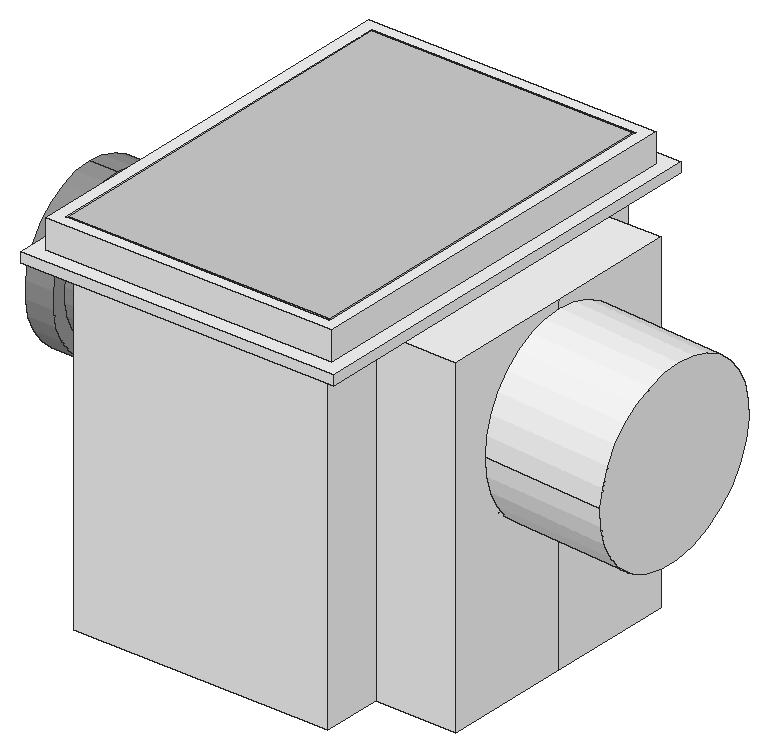
Revit family "HL_RU_Basement drain_HL71.1_7-A-171212", category Instalační zařizovací předměty, Revit 2021
Family settings
  Kóta kulaté spojky = Použít průměr
  Typ dílu = Normální
  Číslo OmniClass = 23.70.50.21.24.14
  Nadpis OmniClass = Deck Waste Water Drains
  Založené na pracovní rovině = Ne
  Vždy vertikální = Ano
  Ořezat dutým tvarem při načtení = Ne
  Sdílené = Ano
  Bod výpočtu místnosti = Ano
Parameters (values of type "HL_Трап для подвалов_HL71.1_7")
  РЕШЁТКА = "155x225 mm/ ABS"
  РАЗМЕР = "DN110"
  ПРОПУСКНАЯ СПОСОБНОСТЬ [instance] = 0.0 L/s
  ПРОИЗВОДИТЕЛЬНОСТЬ = "2,3 l/s"
  ПРИЁМНОЕ ОТВЕРСТИЕ = "DN75"
  ПРАВОВАЯ ИНФОРМАЦИЯ = "\"Авторские права(©), права на дизайн или какие либо другие права интелектуальной собственности являются исключительной собственностью компании HL Hutterer & Lechner. Изменению не подлежит. Файл семейства с данными о прозводителе изделия защищен паролем с водяным знаком.\""
  ПАДЕНИЕ ДАВЛЕНИЯ [instance] = 0.0 Pa
  НОМИНАЛЬНЫЙ ДИАМЕТР 2 [instance] = 75 mm
  НОМИНАЛЬНЫЙ ДИАМЕТР = 110 mm
  НАСАДКА = "170x240 mm"
  МАТЕРИАЛ = "ABS"
  МАКСИМАЛЬНАЯ НАГРУЗКА КЛАССА = "K3 - 300 kg"
  ВЫСОТА МОНТАЖА = "220 mm"
  ВЕС = "1,66 kg"
  Výchozí výška = 0 mm
  Přípoj ventilace = no
  Výrobce = "HL Hutterer & Lechner GmbH"
  URL = "http://www.hutterer-lechner.com/ru/products/catalog/roof-drains/HL71.1/7.aspx"
  Přípoj odpadních dílů = yes
  Přípoj HW = no
  Popis = "Трап для подвалов"
  Model = "HL71.1_7"
  Komentáře k typům = "Трап для подвалов DN110 горизонтальный с входным отверстием DN75, 170х240мм/155х225мм синтетический материал"
  Keynote = "HL71.1_7"
  Высота монтажа [instance] = 0 mm
  Přípoj CW = no
  FO [instance] = FI1 + ПРОПУСКНАЯ СПОСОБНОСТЬ  # 0.0 L/s
  FI1 [instance] = 0.0 L/s
  EAN = "9003076711703"
  D2 [instance] = 155 mm
  D1 [instance] = 192.3 mm
  D [instance] = Высота монтажа + 56.6 mm  # 56.6 mm
  C [instance] = Высота монтажа + 95 mm  # 95 mm
  B [instance] = Высота монтажа + 86.1 mm  # 86.1 mm
  A [instance] = if(B - 100 mm > 15 mm, B - 100 mm, 15 mm)  # 15 mm
Reference planes
  plane 1 "Center (Front/Back)": y = 0
  plane 2: z = 0
  plane 3 "Center (Left/Right)": x = 0
  plane 4 "Ball Joint Vertical": x = 25.45
  plane 5: z = 0
  plane 6: z = -86.1
Lines and regions (mm)
  model lines, style "InvisibleLines"
    curve 1: line (0, 0, 0) -> (0, 0, 560)
  reference lines
    curve 2: line (162.3, 0, -86.1) -> (192.3, 0, -86.1)
    curve 6: line (-39, 0, -95) -> (-155, 0, -95)
  model lines, detail levels coarse+medium
    curve 3: line (0, 0, -86.1) -> (0, 0, -71.1)
    curve 4: line (0, 0, -71.1) -> (71.1, 0, 0)
    curve 5: line (0, 0, -71.1) -> (-71.1, 0, 0)
    curve 7: line (0, 0, -86.1) -> (192.3, 0, -86.1)
  symbolic lines, style "PlumbingFixtures", detail levels coarse+medium
    curve 8: line (-75, 75, 0) -> (75, 75, 0)
    curve 9: line (-75, -75, 0) -> (-75, 75, 0)
    curve 10: line (75, -75, 0) -> (-75, -75, 0)
    curve 11: line (75, 75, 0) -> (75, -75, 0)
    curve 12: line (-75, 75, 0) -> (-145.711, 145.711, 0)
    curve 13: line (75, 75, 0) -> (145.711, 145.711, 0)
    curve 14: line (-75, -75, 0) -> (-145.711, -145.711, 0)
    curve 15: line (75, -75, 0) -> (145.711, -145.711, 0)
  symbolic lines, style "PlumbingFixtures", not visible, detail levels coarse+medium
    curve 16: line (-75, 75, 0) -> (75, 75, 0)
    curve 17: line (-75, -75, 0) -> (-75, 75, 0)
    curve 18: line (75, -75, 0) -> (-75, -75, 0)
    curve 19: line (75, 75, 0) -> (75, -75, 0)
    curve 20: line (-75, 75, 0) -> (-145.711, 145.711, 0)
    curve 21: line (75, 75, 0) -> (145.711, 145.711, 0)
    curve 22: line (-75, -75, 0) -> (-145.711, -145.711, 0)
    curve 23: line (75, -75, 0) -> (145.711, -145.711, 0)
Text (mm)
  text "FLOOR" at (-198.233, 0, -26.556), in view "вид строительства"
Dimensions and locks
  locked: plane 4 "Ball Joint Vertical" to plane 3 "Center (Left/Right)" at 25.45
  "Высота монтажа": plane 2 to plane 5
  "A": curve 5 to plane 6
  "B": curve 5 to plane 6
  "B": curve 4 to plane 6
  "B": plane 2 to plane 6
  "C": plane 2 to curve 6
  "B": plane 2 to curve 7
  "D2": plane 3 "Center (Left/Right)" to curve 6
  "D1": curve 2 to plane 3 "Center (Left/Right)"
  "D1": curve 7 to plane 3 "Center (Left/Right)"
  locked: curve 4 to plane 3 "Center (Left/Right)" (angle 45.00°)
  locked: plane 3 "Center (Left/Right)" to curve 5 (angle 45.00°)
  aligned and locked: level to plane 2
  aligned and locked: plane 2 to curve 1
  aligned and locked: plane 3 "Center (Left/Right)" to curve 1
  aligned and locked: plane 3 "Center (Left/Right)" to curve 5
  aligned and locked: curve 2 to plane 6
  aligned and locked: plane 3 "Center (Left/Right)" to nested 1
  aligned and locked: plane 5 to nested 1
  aligned and locked: plane 3 "Center (Left/Right)" to nested 2
Automatic sketch dimensions
  level to curve 1 = 560 mm
  curve 6 to plane 3 "Center (Left/Right)" = 39 mm
  curve 2 to curve 2 = 30 mm
Nested families
  nested 1: "HL-Трап для подвалов-HL71.1-7" at (0, 0, 0), type "HL-Трап для подвалов-HL71.1-7"
  nested 2: "HL-Решетка для сливного отверстия из пластмассы-HL071.1E" at (0, 0, 0), type "HL-Решетка для сливного отверстия из пластмассы-HL071.1E"
Connectors
  piping at (192.3, 0, -86.1), diameter 110, driven by "НОМИНАЛЬНЫЙ ДИАМЕТР", driven by "FO"
    settings: on curve 2, index 1, connector inside diameter 609.6 mm, connector length 0 mm, flow factor 0, pipe flow 0.0 L/s, pressure drop 0.0 Pa, fitting loss kfactor 0, connector angle 0.00°, fixture units 0, engagement length 0 mm, angle of deflection 0.00°, flow configuration 1, flow direction 2, fitting loss method 0, system type 16, joint type 0, gender type 0, connector reference index 2, connector utility 0, adjustable connector yes, is connector primary no, connector description ""
  piping at (-155, 0, -95), diameter 75, driven by "НОМИНАЛЬНЫЙ ДИАМЕТР 2", driven by "ПАДЕНИЕ ДАВЛЕНИЯ", driven by "FI1"
    settings: on curve 6, index 2, connector inside diameter 609.6 mm, connector length 0 mm, flow factor 1, pipe flow 0.0 L/s, pressure drop 0.0 Pa, fitting loss kfactor 0, connector angle 0.00°, fixture units 0, engagement length 0 mm, angle of deflection 0.00°, flow configuration 2, flow direction 1, fitting loss method 0, system type 16, joint type 0, gender type 0, connector reference index 1, connector utility 0, adjustable connector yes, is connector primary yes, connector description ""
Definition of nested family "HL-Трап для подвалов-HL71.1-7"
  Parameters (values of type "HL-Трап для подвалов-HL71.1-7")
    Manufacturer = ""
    Default Elevation = 0 mm
    URL = ""
    Description = ""
    Model = ""
    Type Comments = ""
    Cost = 0
  Reference planes
    plane 1 "Střed (vpředu/vzadu)": y = 0
    plane 2: z = 0
    plane 3 "Střed (vlevo/vpravo)": x = 0
  Forms (mm)
    Extrusion 1, solid, detail levels fine
      sketch origin (24, 0, 0) x (-1, 0, 0) y (0, -1, 0)
        loop
          line (109, -120) -> (109, 120) -> (-61, 120) -> (-61, -120) -> (109, -120)
        loop
          line (-54.5, 113.5) -> (-54.5, -113.5) -> (102.5, -113.5) -> (102.5, 113.5) -> (-54.5, 113.5)
      from 0 to -17
    Extrusion 2, solid, detail levels fine
      sketch origin (24, 0, -17) x (0, -1, 0) y (-1, 0, 0)
        loop
          line (-129, 117) -> (-129, -69) -> (129, -69) -> (129, 117) -> (-129, 117)
      from 0 to 6
    Extrusion 3, solid, detail levels fine
      sketch origin (24, 0, -23) x (1, 0, 0) y (0, -1, 0)
        loop
          line (99.5, 0) -> (99.5, 76) -> (51.5, 76) -> (51.5, 111) -> (-99.5, 111) -> (-99.5, 0) -> (-99.5, -111) -> (51.5, -111) -> (51.5, -76) -> (99.5, -76) -> (99.5, 0)
      from 0 to 197
    Revolve 4, solid, detail levels fine
      sketch origin (24, 0, 0) x (-1, 0, 0) y (0, 0, 1)
        loop
          line (179, -95) -> (179, -46.999) -> (162.368, -46.999) -> (162.368, -54.999) -> (113.788, -54.999) -> (113.788, -38.836) -> (99.5, -38.836) -> (99.5, -95) -> (179, -95)
        axis (179, -95) -> (99.5, -95)
      angle from 0 to 360
    Sweep 5, solid, detail levels fine
      path origin (24, 0, 0) x (-1, 0, 0) y (0, 0, 1)
        loop
          line (-99.5, -27.427) -> (-170.999, -31.174)
      profile origin (159.25, 0, -29.301) x (-0.052336, 0, -0.99863) y (0, 1, 0)
        loop
          circle (55, 0) r 55
  Dimensions and locks
    aligned and locked: level to plane 2
Definition of nested family "HL-Решетка для сливного отверстия из пластмассы-HL071.1E"
  Parameters
    РАЗМЕР = "155x225mm"
    ПРАВОВАЯ ИНФОРМАЦИЯ = "\"Copyright (©), design rights or any other intellectual property rights, shall be the exclusive property of HL Hutterer & Lechner GmbH. Modification is not allowed. Family has been watermarked.\""
    МАТЕРИАЛ = "ABS"
    МАКСИМАЛЬНАЯ НАГРУЗКА КЛАССА = "K3 - 300kg"
    ВЕС = "0,28 kg"
    Manufacturer = "HL Hutterer & Lechner GmbH"
    Default Elevation = 0 mm
    URL = "http://www.hutterer-lechner.com/en/products/catalog/roof-drains/HL071.1E.aspx"
    Description = "Attachments"
    Model = "HL071.1E"
    Type Comments = "plastic grate 155x225mm"
    Keynote = "HL071.1E"
    EAN = "9003076007110"
    Cost = 0
  Types (2, lengths in mm): name | ПРАВОВАЯ ИНФОРМАЦИЯ | URL | Description | Type Comments
    (no name) | "\"Copyright (©), design rights or any other intellectual property rights, shall be the exclusive property of HL Hutterer & Lechner GmbH. Modification is not allowed. Family has been watermarked.\"" | "http://www.hutterer-lechner.com/en/products/catalog/roof-drains/HL071.1E.aspx" | "Attachments" | "plastic grate 155x225mm"
    HL-Решетка для сливного отверстия из пластмассы-HL071.1E | "\"Авторские права(©), права на дизайн или какие либо другие права интелектуальной собственности являются исключительной собственностью компании HL Hutterer & Lechner. Изменению не подлежит. Файл семейства с данными о прозводителе изделия защищен паролем с водяным знаком.\"" | "http://www.hutterer-lechner.com/ru/products/catalog/roof-drains/HL071.1E.aspx" | "Вспомогательные материалы" | "Решетка для сливного отверстия из пластмассы 155х225м"
  Reference planes
    plane 1 "Střed (vpředu/vzadu)": y = 0
    plane 2: z = 0
    plane 3 "Střed (vlevo/vpravo)": x = 0
  Forms (mm)
    Extrusion 1, solid, detail levels fine
      sketch origin (0, 0, 0) x (1, 0, 0) y (0, 1, 0)
        loop
          line (77.5, -112.5) -> (77.5, 112.5) -> (-77.5, 112.5) -> (-77.5, -112.5) -> (77.5, -112.5)
      from 0 to -20
  Lines and regions (mm)
    model lines, detail levels fine
      curve 1: line (59, -95, 0) -> (51, -95, 0)
      curve 2: line (59, -45, 0) -> (59, -95, 0)
      curve 3: line (51, -45, 0) -> (59, -45, 0)
      curve 4: line (51, -95, 0) -> (51, -45, 0)
      curve 5: line (37, -95, 0) -> (29, -95, 0)
      curve 6: line (37, -7, 0) -> (37, -95, 0)
      curve 7: line (29, -7, 0) -> (37, -7, 0)
      curve 8: line (29, -95, 0) -> (29, -7, 0)
      curve 9: line (15, -95, 0) -> (7, -95, 0)
      curve 10: line (15, -7, 0) -> (15, -95, 0)
      curve 11: line (7, -7, 0) -> (15, -7, 0)
      curve 12: line (7, -95, 0) -> (7, -7, 0)
      curve 13: line (59, -35, 0) -> (51, -35, 0)
      curve 14: line (59, 35, 0) -> (59, -35, 0)
      curve 15: line (51, 35, 0) -> (59, 35, 0)
      curve 16: line (51, -35, 0) -> (51, 35, 0)
      curve 17: line (59, 45, 0) -> (51, 45, 0)
      curve 18: line (59, 95, 0) -> (59, 45, 0)
      curve 19: line (51, 95, 0) -> (59, 95, 0)
      curve 20: line (51, 45, 0) -> (51, 95, 0)
      curve 21: line (37, 7, 0) -> (29, 7, 0)
      curve 22: line (37, 95, 0) -> (37, 7, 0)
      curve 23: line (29, 95, 0) -> (37, 95, 0)
      curve 24: line (29, 7, 0) -> (29, 95, 0)
      curve 25: line (15, 7, 0) -> (7, 7, 0)
      curve 26: line (15, 95, 0) -> (15, 7, 0)
      curve 27: line (7, 95, 0) -> (15, 95, 0)
      curve 28: line (7, 7, 0) -> (7, 95, 0)
      curve 29: line (-59, -95, 0) -> (-51, -95, 0)
      curve 30: line (-59, -45, 0) -> (-59, -95, 0)
      curve 31: line (-51, -45, 0) -> (-59, -45, 0)
      curve 32: line (-51, -95, 0) -> (-51, -45, 0)
      curve 33: line (-37, -95, 0) -> (-29, -95, 0)
      curve 34: line (-37, -7, 0) -> (-37, -95, 0)
      curve 35: line (-29, -7, 0) -> (-37, -7, 0)
      curve 36: line (-29, -95, 0) -> (-29, -7, 0)
      curve 37: line (-15, -95, 0) -> (-7, -95, 0)
      curve 38: line (-15, -7, 0) -> (-15, -95, 0)
      curve 39: line (-7, -7, 0) -> (-15, -7, 0)
      curve 40: line (-7, -95, 0) -> (-7, -7, 0)
      curve 41: line (-59, -35, 0) -> (-51, -35, 0)
      curve 42: line (-59, 35, 0) -> (-59, -35, 0)
      curve 43: line (-51, 35, 0) -> (-59, 35, 0)
      curve 44: line (-51, -35, 0) -> (-51, 35, 0)
      curve 45: line (-59, 45, 0) -> (-51, 45, 0)
      curve 46: line (-59, 95, 0) -> (-59, 45, 0)
      curve 47: line (-51, 95, 0) -> (-59, 95, 0)
      curve 48: line (-51, 45, 0) -> (-51, 95, 0)
      curve 49: line (-37, 7, 0) -> (-29, 7, 0)
      curve 50: line (-37, 95, 0) -> (-37, 7, 0)
      curve 51: line (-29, 95, 0) -> (-37, 95, 0)
      curve 52: line (-29, 7, 0) -> (-29, 95, 0)
      curve 53: line (-15, 7, 0) -> (-7, 7, 0)
      curve 54: line (-15, 95, 0) -> (-15, 7, 0)
      curve 55: line (-7, 95, 0) -> (-15, 95, 0)
      curve 56: line (-7, 7, 0) -> (-7, 95, 0)
  Dimensions and locks
    aligned and locked: level to plane 2
